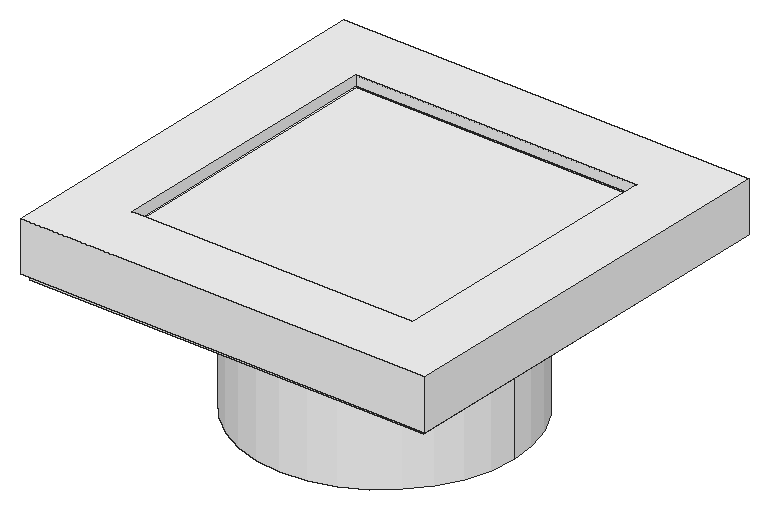
Revit family "Gira_2844600", category Electrical Fixtures, host Face, Revit 2017
Family settings
  Host = Face
  Maintain Annotation Orientation = Yes
  Round Connector Dimension = Use Diameter
  Part Type = Normal
  Cut with Voids When Loaded = No
  Shared = No
  Room Calculation Point = No
Parameters (values of type "Rocker btn BS 3-g NO con. System 55 stainl.steel(lac.)")
  With lighting = "No"
  White [instance] = White
  URL = "http://katalog.gira.de/en/datenblatt.html?artikelnr=2844600"
  Type of fastening = "Mounting with claw and screw"
  Transparent = "No"
  Surface protection = "Other"
  Suitable for degree of protection (IP) = "IP20"
  Number of rockers = "3"
  Name = "Rocker btn BS 3-g NO con. System 55 stainl.steel(lac.)"
  Mounting method = "Flush mounted (plaster)"
  Model = "Group push button"
  Method of operation = "Rocker"
  Material quality = "Other"
  Material = "Other"
  Manufacturer URL = "https://www.gira.de/"
  Manufacturer = "Gira"
  Label space/information surface = "No"
  Imprint = "None"
  HeinzeBIM = "https://bimportal.heinze.de/bim/rocker-btn-bs-3-g-no-con-system-55-stainl-steel-lac-/950722bbb0576ae0dea0ca43236475b263f4d9a4"
  Halogen free = "Yes"
  HAN = "2844600"
  GTIN = "4010337021957"
  Description = "Rock.btn BS 3g 10A NO con.1-p Sys55 SSTl,British Standard rocker button (BS EN 60669-1), 3-gang 10 A 250 V~ with rockers,System 55, support ring 71 x 71 mm, NO contact 1-pole,stainless steel (lacquered),Features:,- With screw terminals.,,Notes :,- For screw mounting only."
  Default Elevation = 1219.2 mm
  Data sheet (1) = "https://katalog.gira.de/en/download.html?artikelnr=2844600"
  Contacts = "Other"
  Colour = "Stainless steel"
  Category = "Push-switch button"
  BIM (1) = "https://media.stage.bim.site/public/gira/36a6b08/Sys55_Komplettgerät_Schalten und Tasten.rfa?public/gira/36a6b08/Sys55_Komplettgerät_Schalten und Tasten.rfa"
  Available = "No"
  Assembly arrangement = "Basic element with adapter plate"
Reference planes
  plane 1 "Center (Front/Back)": y = 0
  plane 2: z = 0
  plane 3 "Center (Left/Right)": x = 0
Forms (mm)
  Extrusion 1, solid, material "White" <- "White", detail levels medium
    sketch origin (0, 0, 0) x (1, 0, 0) y (0, 1, 0)
      loop
        line (-40.4, 40.4) -> (-40.4, -40.4) -> (40.4, -40.4) -> (40.4, 40.4) -> (-40.4, 40.4)
      loop
        line (-28, 28) -> (-28, -28) -> (28, -28) -> (28, 28) -> (-28, 28)
    from 0 to 10
  Extrusion 2, solid, material "White" <- "White", detail levels fine
    sketch origin (0, 0, 0) x (1, 0, 0) y (0, 1, 0)
      loop
        line (-40.4, 40.4) -> (-40.4, -40.4) -> (40.4, -40.4) -> (40.4, 40.4) -> (-40.4, 40.4)
      loop
        line (-28, 28) -> (-28, -28) -> (28, -28) -> (28, 28) -> (-28, 28)
    from 0 to 10
  Extrusion 3, void
    sketch origin (0, 0, 0) x (1, 0, 0) y (0, 1, 0)
      loop
        line (-38.4, 38.4) -> (-38.4, -38.4) -> (38.4, -38.4) -> (38.4, 38.4) -> (-38.4, 38.4)
    from 0 to 8
  Extrusion 4, solid, material "White" <- "White", detail levels medium+fine
    sketch origin (0, 0, 0) x (1, 0, 0) y (0, 1, 0)
      loop
        line (-39.4, 39.4) -> (-39.4, -39.4) -> (39.4, -39.4) -> (39.4, 39.4) -> (-39.4, 39.4)
    from 0 to -1
  Extrusion 5, solid, material "White" <- "White", detail levels medium+fine
    sketch origin (0, 0, 0) x (1, 0, 0) y (0, 1, 0)
      loop
        line (-35.5, 35.5) -> (-35.5, -35.5) -> (35.5, -35.5) -> (35.5, 35.5) -> (-35.5, 35.5)
    from -2 to -3
  Extrusion 6, solid, material "White" <- "White", detail levels medium+fine
    sketch origin (0, 0, 0) x (1, 0, 0) y (0, 1, 0)
      loop
        circle (0, 0) r 26
    from 0 to -27.5
  Extrusion 7, solid, material "White" <- "White", detail levels coarse
    sketch origin (0, 0, 0) x (1, 0, 0) y (0, 1, 0)
      loop
        line (-40.4, 40.4) -> (-40.4, -40.4) -> (40.4, -40.4) -> (40.4, 40.4) -> (-40.4, 40.4)
    from -27.5 to 10
Cuts and joins
  Extrusion 3 cuts Extrusion 2
Dimensions and locks
  aligned and locked: plane 2 to host face
  aligned and locked: level to host face
  aligned and locked: plane 3 "Center (Left/Right)" to nested 2
  aligned and locked: plane 1 "Center (Front/Back)" to nested 2
Nested families
  nested 1: "Sys55_Abdeckung_Schalten und Tasten_floor_base" at (0, 0, 0), type "Sys55_Abdeckung_Schalten und Tasten_floor_base"
  nested 2: "Schalter" at (0, 0, 0), type "Schalter"
Connectors
  electrical at (0, 0, -27.5)
    settings: on Extrusion 6, index 1, voltage 220 V, apparent load 0 VA, apparent load phase1 0 VA, apparent load phase2 0 VA, apparent load phase3 0 VA, power factor 1, load classification "Other", number of poles 1, system type 30, power factor state 1, is connector primary yes, connector utility no, sub classification motor no, connector description ""
Definition of nested family "Sys55_Abdeckung_Schalten und Tasten_floor_base"
  Parameters
    Default Elevation = 1219.2 mm
    White [instance] = none
  Reference planes
    plane 1 "Center (Front/Back)": y = 0
    plane 2: z = 0
    plane 3 "Center (Left/Right)": x = 0
  Forms (mm)
    Extrusion 1, solid
      sketch origin (0, 0, 0) x (1, 0, 0) y (0, 1, 0)
        loop
          line (-1219.2, 1219.2) -> (-1219.2, -1219.2) -> (1219.2, -1219.2) -> (1219.2, 1219.2) -> (-1219.2, 1219.2)
      from 0 to -304.8
    Extrusion 2, solid, material <- "White", detail levels fine
      sketch origin (0, 0, 0) x (1, 0, 0) y (0, 1, 0)
        loop
          line (-27.5, 27.5) -> (-27.5, -27.5) -> (27.5, -27.5) -> (27.5, 27.5) -> (-27.5, 27.5)
      from 0 to 8
    Extrusion 3, void
      sketch origin (0, 0, 0) x (1, 0, 0) y (0, 1, 0)
        loop
          line (26, 26) -> (-26, 26) -> (-26, -26) -> (26, -26) -> (26, 26)
      from 0 to 6
    Extrusion 4, solid, material <- "White", detail levels medium
      sketch origin (0, 0, 0) x (1, 0, 0) y (0, 1, 0)
        loop
          line (-27.5, 27.5) -> (-27.5, -27.5) -> (27.5, -27.5) -> (27.5, 27.5) -> (-27.5, 27.5)
      from 0 to 8
    Extrusion 5, solid, material <- "White", detail levels medium
      sketch origin (0, 0, 0) x (1, 0, 0) y (0, 1, 0)
        loop
          line (11, -17.5) -> (11, 17.5) -> (-11, 17.5) -> (-11, -17.5) -> (11, -17.5)
      from -6 to 6
    Extrusion 6, solid, material <- "White", detail levels fine
      sketch origin (0, 0, 0) x (1, 0, 0) y (0, 1, 0)
        loop
          line (11, 17.5) -> (-11, 17.5) -> (-11, 16.5) -> (11, 16.5) -> (11, 17.5)
        loop
          line (-11, -16.5) -> (-11, -17.5) -> (11, -17.5) -> (11, -16.5) -> (-11, -16.5)
      from -4 to 6
    Extrusion 7, solid, material <- "White", detail levels fine
      sketch origin (0, 0, 0) x (1, 0, 0) y (0, 1, 0)
        loop
          arc (5, 9.347) -> (0, 10.6) -> (-5, 9.347) r 10.6
          line (-5, 9.347) -> (-5, -9.347)
          arc (-5, -9.347) -> (0, -10.6) -> (5, -9.347) r 10.6
          line (5, -9.347) -> (5, 9.347)
      from -6 to 6
    Extrusion 8, solid, material <- "White", detail levels coarse
      sketch origin (0, 0, 0) x (1, 0, 0) y (0, 1, 0)
        loop
          line (-27.5, 27.5) -> (-27.5, -27.5) -> (27.5, -27.5) -> (27.5, 27.5) -> (-27.5, 27.5)
      from -6 to 8
  Cuts and joins
    Extrusion 3 cuts Extrusion 2
  Dimensions and locks
    aligned and locked: plane 2 to Extrusion 1
    aligned and locked: level to Extrusion 1
Definition of nested family "Schalter"
  Reference planes
    plane 1: y = 0
    plane 2: x = 0
  Lines and regions (mm)
    detail lines
      curve 1: circle (1.375, 2.778, 0) r 0.8 normal (0, 0, 1)
      curve 2: line (1.021, 2.061, 0) -> (0, 0, 0)
      curve 3: line (0, 0, 0) -> (-0.538, 0.266, 0)
  Dimensions and locks
    curve 2 to curve 2 = 2.3 mm
    curve 3 to curve 2 = 0.6 mm
    radius of curve 1 = 0.8 mm
